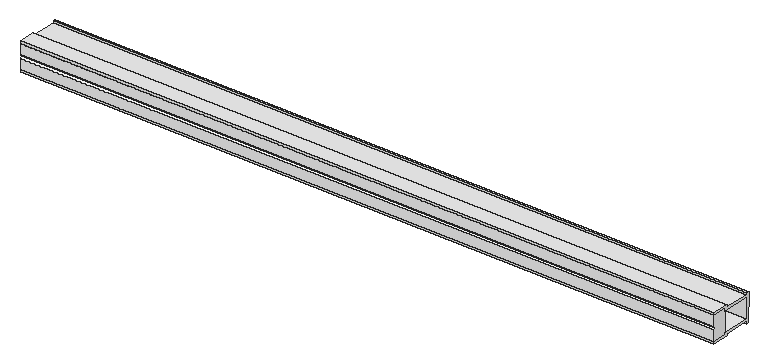
Revit family "4070757+4070746 Feilo Sylvania Lighting Fixture CURSUS 876MM 548LM WIDE LED 3K with CONTINUOUS WALL HOUSING", category Lighting Fixtures, host Face, Revit 2017
Family settings
  Host = Face
  Round Connector Dimension = Use Diameter
  Part Type = Normal
  OmniClass Number = 23.80.70.14
  OmniClass Title = Luminaries for External Lighting
  Cut with Voids When Loaded = Yes
  Light Source = Yes
  Shared = Yes
  Room Calculation Point = No
Parameters (values of type "4070757 CURSUS 876MM 548LM WIDE LED 3K")
  Width_FEILO = 35 mm
  Weight = "1.7 kg"
  Wattage Comments = "n/a"
  Wattage = 13.5 W
  WarrantyStartDate [instance] = "n/a"
  WarrantyGuarantorParts = "n/a"
  WarrantyDurationUnit = "n/a"
  WarrantyDurationParts = "n/a"
  WarrantyDescription = "n/a"
  WallThickness_FEILO = 2.5 mm
  built-in parameter 1150110 = 1 (stored number, unit not read)
  Voltage = 24 V
  URL = "http://www.sylvania-lighting.com"
  TypeName = "CURSUS 876MM 548LM WIDE LED 3K"
  Type Image = <None>
  Type Comments = "n/a"
  built-in parameter 1114217 = 1 (stored number, unit not read)
  Tilt Angle = -90.00°
  built-in parameter 1150109 = 1 (stored number, unit not read)
  built-in parameter 1150134 = (empty or 0)
  built-in parameter 1150113 = 1 (stored number, unit not read)
  SerialNumber [instance] = "n/a"
  ReflectorMaterial = none
  PowerFactor = 0
  PowerConsumption = "13.5 W"
  Photometric Web File = "4070757.ies"
  NominalLength = 876 mm
  NominalHeight = 50 mm
  NominalDepth = 30 mm
  Name = "CURSUS 876MM 548LM WIDE LED 3K"
  ModelReference = Name  # "CURSUS 876MM 548LM WIDE LED 3K"
  ModelNumber = "4070757"
  Model = Name  # "CURSUS 876MM 548LM WIDE LED 3K"
  Material = "natural anodised extruded aluminium structure housing"
  ManufacturerName = "Feilo Sylvania"
  Manufacturer = "Feilo Sylvania"
  LuminousEfficacy = "40.59 lm/W"
  built-in parameter 1150105 = 302.47 (stored number, unit not read)
  Lumens = 548 lm
  LuminaireType = ""
  built-in parameter 1150115 = 1 (stored number, unit not read)
  LightOutputRatio = "100"
  built-in parameter 1150137 = (empty or 0)
  built-in parameter 1150139 = (empty or 0)
  Length_FEILO = 882 mm
  LampsType = Lamp  # "LED"
  LampNominalLuminous = "548 lm"
  LampMacAdamStep = "n/a"
  LampColourTemperature = "3000 K"
  LampColourRenderingIndex = "80"
  built-in parameter 1150112 = 1 (stored number, unit not read)
  built-in parameter 1150114 = 1 (stored number, unit not read)
  Lamp = "LED"
  Keynote = "16500"
  InstallationDate [instance] = "n/a"
  InputVoltage = "24V DC"
  InputNominalFrequency = "n/a"
  built-in parameter 1150132 = (empty or 0)
  built-in parameter 1150102 = (empty or 0)
  built-in parameter 1150107 = 3000 (stored number, unit not read)
  built-in parameter 1150138 = (empty or 0)
  IngressProtection = "IP67"
  ImpactProtectionIndex = "IK07"
  built-in parameter 1150106 = 3.0247 (stored number, unit not read)
  IfcExportType = "IfcLightFixtureType"
  IfcExportAs = "IfcLightFixtureType"
  ExpectedLife = 50000
  EndCapRight [instance] = no
  EndCapLeft [instance] = no
  Emit from Rectangle Width = Width_FEILO - WallThickness_FEILO * 2  # 30 mm
  Emit from Rectangle Length = Length_FEILO - WallThickness_FEILO * 2  # 877 mm
  Emit Shape Visible in Rendering = no
  ElectricShockClassification = "Class III"
  built-in parameter 1150104 = 3.7712 (stored number, unit not read)
  DurationUnit = "hours"
  DocumentationLiterature = "http://www.sylvania-lighting.com/product/en-int/products/4070757"
  DimmingControlOptions = "n/a"
  Dimming Lamp Color Temperature Shift = <None>
  DiffuserMaterial = Diffuser-Sylvania-Glow
  Description = "LED Exterior Lighting Recessed Surface Mounted Linear Fixture, Natural anodised extruded aluminium structure. Die-cast aluminium end caps. Installation kit with harmonic steel springs., 548 lm, 13,5W, 40lm/W, 3000K, CRI80+,non dimmable,IP67, IK07, (HxWxD) 876x50x30mm, 3 step Mac Adam Ellipse, 1.7kg,, Classe III, 21-25V-DC, energy class : A++, A+, A"
  Default Elevation = 1219.2 mm
  CreatedOn = "1/8/2018"
  CreatedBy = ""
  Cost = 0
  Color Filter = 16777215
  built-in parameter 1114216 [instance] = (empty or 0)
  ClassificationValue = "EF_70_80"
  ClassificationName = "Uniclass2015"
  BodyMaterial = Body-Sylvania-Gray
  BarCode [instance] = "n/a"
  built-in parameter 1114218 = 1 (stored number, unit not read)
  built-in parameter 1150133 = 10 (stored number, unit not read)
  AssetType = "Fixed"
  AssetIdentifier [instance] = "n/a"
  Assembly Code = "D5020200"
  Apparent Load = 13.5 VA
  AccessoryMaterial = Diffuser-Sylvania-Glow
Reference planes
  plane 1 "Center (Front/Back)": y = 0
  plane 2: z = 0
  plane 3 "Center (Left/Right)": x = 0
  plane 4: x = 441
  plane 5: x = -441
  plane 6: x = -438.5
  plane 7: x = 438.5
  plane 8: z = 35
  plane 9: z = 17.5
  plane 10: z = 32.5
  plane 11: z = 2.5
  plane 12: z = 30
  plane 13: z = 5
  plane 14: y = -55
  plane 15: y = -53
  plane 16: y = -2.5
  plane 17: y = -37
  plane 18: y = -34.5
Forms (mm)
  Extrusion 1, solid, material "Body-Sylvania-Gray" <- "BodyMaterial"
    sketch origin (0, 0, 0) x (0, 1, 0) y (0, 0, 1)
      loop
        line (0, 35) -> (-2.5, 35) -> (-2.5, 32.5) -> (-34.5, 32.5) -> (-34.5, 35) -> (-55, 35) -> (-55, 32.5) -> (-37, 32.5) -> (-37, 30) -> (-2.5, 30) -> (-2.5, 5) -> (-37, 5) -> (-37, 2.5) -> (-55, 2.5) -> (-55, 0) -> (-34.5, 0) -> (-34.5, 2.5) -> (-2.5, 2.5) -> (-2.5, 0) -> (0, 0) -> (0, 35)
    from -438.5 to 438.5
  Extrusion 2, solid, material "Diffuser-Sylvania-Glow" <- "DiffuserMaterial"
    sketch origin (0, 0, 0) x (0, 1, 0) y (0, 0, 1)
      loop
        line (-37, 32.5) -> (-55, 32.5) -> (-55, 19.5) -> (-53, 17.5) -> (-55, 15.5) -> (-55, 2.5) -> (-37, 2.5) -> (-37, 32.5)
    from -438.5 to 438.5
  Extrusion 3, solid, material "Body-Sylvania-Gray" <- "BodyMaterial", visible <- "EndCapRight"
    sketch origin (438.5, 1524, 1219.2) x (0, 1, 0) y (0, 0, 1)
      loop
        line (-1579, -1184.2) -> (-1579, -1219.2) -> (-1524, -1219.2) -> (-1524, -1184.2) -> (-1579, -1184.2)
    from 0 to 2.5
  Extrusion 4, solid, material "Body-Sylvania-Gray" <- "BodyMaterial", visible <- "EndCapLeft"
    sketch origin (-438.5, 1524, 1219.2) x (0, 1, 0) y (0, 0, 1)
      loop
        line (-1579, -1184.2) -> (-1579, -1219.2) -> (-1524, -1219.2) -> (-1524, -1184.2) -> (-1579, -1184.2)
    from -2.5 to 0
Dimensions and locks
  equal spacing: plane 5, plane 3 "Center (Left/Right)", plane 4
  "Length_FEILO": plane 5 to plane 4
  equal spacing: plane 6, plane 3 "Center (Left/Right)", plane 7
  "WallThickness_FEILO": plane 5 to plane 6
  locked: plane 9 to plane 2 at 17.5
  locked: plane 8 to plane 2 at 35
  equal spacing: plane 11, plane 9, plane 10
  equal spacing: plane 13, plane 9, plane 12
  "WallThickness_FEILO": plane 12 to plane 10
  locked: plane 14 to plane 15 at 2
  locked: plane 14 to plane 17 at 18
  "WallThickness_FEILO": plane 17 to plane 18
  "WallThickness_FEILO": plane 16 to plane 1 "Center (Front/Back)"
  locked: plane 15 to Extrusion 2 sketch curve (angle 45.00°)
  locked: Extrusion 2 sketch curve to plane 15 (angle 45.00°)
  aligned and locked: plane 2 to host face
  aligned and locked: level to host face
  aligned and locked: plane 1 "Center (Front/Back)" to Extrusion 1 sketch curve
  aligned and locked: Extrusion 1 sketch curve to plane 8  (x2)
  aligned and locked: plane 16 to Extrusion 1 sketch curve
  aligned and locked: host face to Extrusion 1 sketch curve
  aligned and locked: Extrusion 1 sketch curve to plane 16  (x2)
  aligned and locked: Extrusion 1 sketch curve to plane 11
  aligned and locked: plane 18 to Extrusion 1 sketch curve
  aligned and locked: level to Extrusion 1 sketch curve
  aligned and locked: plane 11 to Extrusion 1 sketch curve
  aligned and locked: Extrusion 1 sketch curve to plane 17
  aligned and locked: plane 13 to Extrusion 1 sketch curve
  aligned and locked: Extrusion 1 sketch curve to plane 12
  aligned and locked: plane 10 to Extrusion 1 sketch curve  (x2)
  aligned and locked: plane 17 to Extrusion 1 sketch curve  (x2)
  aligned and locked: plane 12 to Extrusion 1 sketch curve
  aligned and locked: Extrusion 1 sketch curve to plane 10
  aligned and locked: Extrusion 1 sketch curve to plane 18
  aligned and locked: plane 7 to Extrusion 1
  aligned and locked: Extrusion 1 to plane 6
  aligned and locked: Extrusion 2 sketch curve to Extrusion 1  (x4)
  aligned and locked: Extrusion 1 to Extrusion 2 sketch curve
  aligned and locked: plane 9 to Extrusion 2 sketch curve
  aligned and locked: plane 7 to Extrusion 2
  aligned and locked: Extrusion 2 to plane 6
  aligned and locked: Extrusion 3 sketch curve to Extrusion 1  (x4)
  aligned and locked: plane 4 to Extrusion 3
  aligned and locked: Extrusion 3 to plane 7
  aligned and locked: Extrusion 4 sketch curve to Extrusion 3  (x3)
  aligned and locked: Extrusion 4 sketch curve to Extrusion 1
  aligned and locked: Extrusion 4 to plane 5
  aligned and locked: plane 6 to Extrusion 4
  aligned and locked: plane 14 to imposter light
  aligned and locked: imposter light to plane 9
  aligned and locked: plane 3 "Center (Left/Right)" to imposter light
Automatic sketch dimensions
  host sketch curve to host sketch curve = 2438.4 mm  (x2)
  Extrusion 1 sketch curve to plane 14 = 0 mm  (x2)
  Extrusion 2 sketch curve to plane 15 = 0 mm
Connectors
  electrical at (0, 0, 0), driven by "Apparent Load", driven by "PowerFactor", driven by "Voltage"
    settings: index 1, voltage 24 V, apparent load 13.5 VA, apparent load phase1 0 VA, apparent load phase2 0 VA, apparent load phase3 0 VA, power factor 0, load classification "Lighting", number of poles 1, system type 30, power factor state 1, is connector primary yes, connector utility no, sub classification motor no, connector description ""
